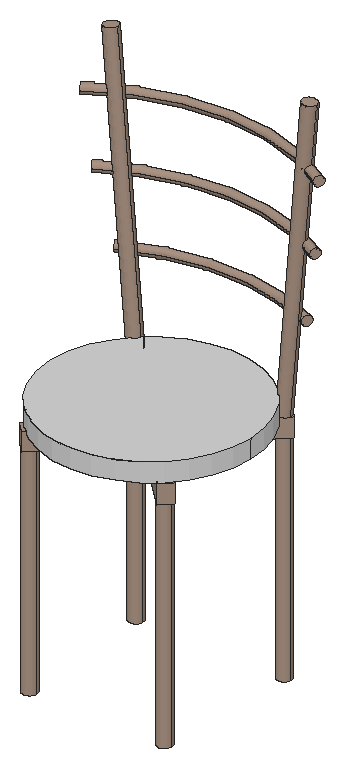
Revit family
Parameters (values of type "430 mm dia")
  Chair Material = Teak
  Upholstry Material = Cushion
Reference planes
  plane 1 "Center (Front/Back)": y = 0
  plane 2: z = 0
  plane 3 "Center (Left/Right)": x = 0
  plane 4: y = 158.862
Forms (mm)
  Extrusion 1, solid, material "Cushion" <- "Upholstry Material"
    sketch origin (0, 0.01, 0) x (1, 0, 0) y (0, 1, 0)
      loop
        circle (0, 0) r 215
    from 509.714 to 549.714
  Extrusion 2, solid, material "Teak" <- "Chair Material"
    sketch origin (0, 0.01, 0) x (1, 0, 0) y (0, 1, 0)
      loop
        line (-166.17, -144.957) -> (-144.957, -166.17) -> (0, -21.213) -> (144.957, -166.17) -> (166.17, -144.957) -> (21.213, 0) -> (180.312, 159.099) -> (159.099, 180.312) -> (0, 21.213) -> (-159.099, 180.312) -> (-180.312, 159.099) -> (-21.213, 0) -> (-166.17, -144.957)
    from 509.714 to 469.714
  Extrusion 3, solid, material "Teak" <- "Chair Material"
    sketch origin (0, 0.01, 0) x (1, 0, 0) y (0, 1, 0)
      loop
        circle (-159.293, 158.906) r 15
      loop
        circle (-145.152, -144.765) r 15
      loop
        circle (145.152, -144.765) r 15
      loop
        circle (159.293, 158.906) r 15
    from 0 to 469.714
  Sweep 4, solid, material "Teak" <- "Chair Material"
    path origin (0, -41.153, 0) x (1, 0, 0) y (0, 1, 0)
      loop
        arc (-232.176, 136.96) -> (-2.745, 209.3) -> (226.686, 136.96) r 400
    profile origin (-2.745, 0, 0) x (0, 1, 0) y (0, 0, 1)
      loop
        circle (215.189, 1000) r 10
  Sweep 5, solid, material "Teak" <- "Chair Material"
    path origin (0, -41.153, -150) x (1, 0, 0) y (0, 1, 0)
      loop
        arc (-217.665, 146.656) -> (-2.745, 209.3) -> (212.175, 146.656) r 400
    profile origin (-2.745, 0, 0) x (0, 1, 0) y (0, 0, 1)
      loop
        circle (215.189, 850) r 10
  Sweep 6, solid, material "Teak" <- "Chair Material"
    path origin (0, -41.153, -300) x (1, 0, 0) y (0, 1, 0)
      loop
        arc (-187.444, 164.104) -> (-2.745, 209.3) -> (181.955, 164.104) r 400
    profile origin (-2.745, 0, 0) x (0, 1, 0) y (0, 0, 1)
      loop
        circle (215.189, 700) r 10
  Sweep 7, solid, material "Teak" <- "Chair Material"
    path origin (49.733, 158.862, 1.048) x (1, 0, 0) y (0, 0, 1)
      loop
        line (109.745, 508.667) -> (163.781, 1126.307)
    profile origin (72.485, 0, 828.509) x (-0.996195, 0, 0.087156) y (0, -1, 0)
      loop
        circle (-114.447, -158.862) r 15
  Sweep 8, solid, material "Teak" <- "Chair Material"
    path origin (-49.733, 158.862, 1.048) x (-1, 0, 0) y (0, 0, -1)
      loop
        line (109.745, -508.667) -> (163.781, -1126.307)
    profile origin (-72.485, 0, 828.509) x (0.996195, 0, 0.087156) y (0, 1, 0)
      loop
        circle (-114.447, 158.862) r 15
Lines and regions (mm)
  symbolic lines
    curve 1: arc (-264.894, 142.534, 0) -> (-2.745, 225.189, 0) -> (259.404, 142.534, 0) r 457.043
    curve 2: arc (247.933, 126.151, 0) -> (-2.745, 205.189, 0) -> (-253.423, 126.151, 0) r 437.043
    curve 3: line (-264.894, 142.534, 0) -> (-253.423, 126.151, 0)
    curve 4: line (259.404, 142.534, 0) -> (247.933, 126.151, 0)
    curve 5: arc (215, 0.01, 0) -> (0, 215.01, 0) -> (-215, 0.01, 0) r 215
    curve 6: arc (-215, 0.01, 0) -> (0, -214.99, 0) -> (215, 0.01, 0) r 215
Dimensions and locks
  radius of Extrusion 1 = 215 mm
  aligned and locked: Extrusion 2 sketch curve to Extrusion 2 sketch curve  (x2)
  aligned and locked: Extrusion 3 to Extrusion 2
  aligned and locked: Extrusion 1 to Extrusion 2
